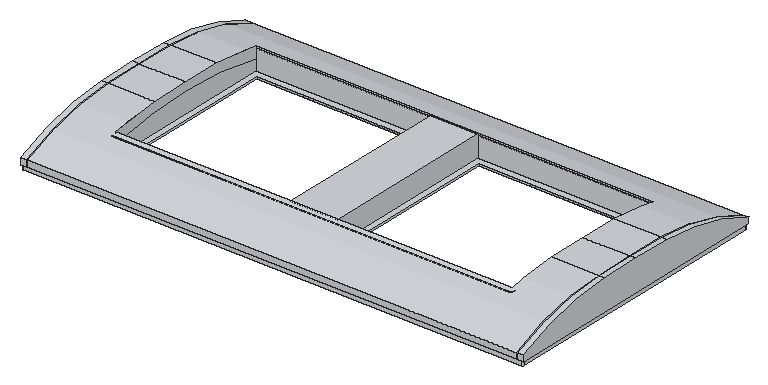
Revit family "Gira_0212736", category Electrical Fixtures, host Face, Revit 2017
Family settings
  Host = Face
  Maintain Annotation Orientation = No
  Round Connector Dimension = Use Diameter
  Part Type = Normal
  Cut with Voids When Loaded = No
  Shared = No
  Room Calculation Point = No
Parameters (values of type "Abdeckrahmen 2f Zwischenr. F Alu Gira Event Klar Schwarz")
  Werkstoffgüte = "Thermoplast"
  Werkstoff = "Kunststoff"
  URL = "http://katalog.gira.de/de_DE/datenblatt.html?artikelnr=0212736"
  Transparent = "No"
  Textfeld/Beschriftungsfläche = "No"
  Schutzart (IP) = "IP20"
  Region = "DE"
  Oberfläche = "sonstige"
  Name = "Abdeckrahmen 2f Zwischenr. F Alu Gira Event Klar Schwarz"
  Montagerichtung = "horizontal und vertikal"
  Mit Montagerahmen = "No"
  Mit Klappdeckel = "No"
  Manufacturer URL = "https://www.gira.de/"
  Keynote = "Event_Rahmen_2fach"
  HeinzeBIM = "https://bimportal.heinze.de/bim/abdeckrahmen-2f-zwischenr-f-alu-gira-event-klar-schwarz/ebc8fae1fc30a4ceeb94a1c0088da6ce1f38b95c"
  Halogenfrei = "Yes"
  HAN = "0212736"
  Geeignet für Unterputz-Installation = "Yes"
  Geeignet für Unterflurkanaldose = "No"
  Geeignet für Geräteeinbaukanal = "No"
  Geeignet für Einbauinstallation = "No"
  GTIN = "4010337068860"
  Farbe = "schwarz"
  Default Elevation = 1219.2 mm
  Data sheet (1) = "https://katalog.gira.de/de_DE/download.html?artikelnr=0212736"
  Category = "Abdeckrahmen"
  Befestigungsart = "sonstige"
  Available = "Yes"
  Ausführung der Oberfläche = "glänzend"
  Anzahl der Einheiten vertikal = "2 "
  Anzahl der Einheiten horizontal = "2 "
  Anzahl der Einheiten = "2 "
Reference planes
  plane 1 "Center (Front/Back)": y = 0
  plane 2: z = 0
  plane 3 "Center (Left/Right)": x = 0
Forms (mm)
  Extrusion 1, solid, detail levels fine
    sketch origin (0, 0, 0.05) x (0, 1, 0) y (0, 0, 1)
      loop
        arc (12.445, 9.683) -> (6.223, 9.833) -> (0, 9.85) r 291.636
        arc (0, 9.85) -> (-6.223, 9.833) -> (-12.445, 9.683) r 291.636
        arc (-12.445, 9.683) -> (-29.14, 7.482) -> (-45, 1.823) r 79.728
        line (-45, 1.823) -> (-45, -0.05) -> (-42.086, -0.05)
        arc (-42.086, -0.05) -> (-21.385, 5.559) -> (0, 7.206) r 114.424
        arc (0, 7.206) -> (21.385, 5.559) -> (42.086, -0.05) r 114.424
        line (42.086, -0.05) -> (45, -0.05) -> (45, 1.823)
        arc (45, 1.823) -> (29.14, 7.482) -> (12.445, 9.683) r 79.728
    from -78.55 to 78.55
  Extrusion 2, void, detail levels fine
    sketch origin (0, 0, 0) x (1, 0, 0) y (0, 1, 0)
      loop
        line (-63.55, -27.937) -> (63.55, -27.937) -> (63.55, 28.063) -> (-63.55, 28.063) -> (-63.55, -27.937)
    from 0.724 to 11
  Extrusion 3, solid, detail levels coarse
    sketch origin (0, 0, 0) x (1, 0, 0) y (0, 1, 0)
      loop
        line (-80.55, 45) -> (-80.55, -45) -> (80.55, -45) -> (80.55, 45) -> (-80.55, 45)
    from -1.5 to 9.9
  Extrusion 4, solid, detail levels medium
    sketch origin (0, 0, 0.05) x (0, 1, 0) y (0, 0, 1)
      loop
        arc (12.445, 9.683) -> (6.223, 9.833) -> (0, 9.85) r 291.636
        arc (0, 9.85) -> (-6.223, 9.833) -> (-12.445, 9.683) r 291.636
        arc (-12.445, 9.683) -> (-29.14, 7.482) -> (-45, 1.823) r 79.728
        line (-45, 1.823) -> (-45, -0.05) -> (45, -0.05) -> (45, 1.823)
        arc (45, 1.823) -> (29.14, 7.482) -> (12.445, 9.683) r 79.728
    from -80.55 to 80.55
  Extrusion 5, solid, detail levels fine
    sketch origin (-35.55, 0, -1.5) x (0, 1, 0) y (0, 0, -1)
      loop
        line (45, -3.373) -> (45, -1.5) -> (-45, -1.5) -> (-45, -3.373)
        arc (-45, -3.373) -> (-29.14, -9.032) -> (-12.445, -11.233) r 79.728
        arc (-12.445, -11.233) -> (-6.223, -11.383) -> (0, -11.4) r 291.636
        arc (0, -11.4) -> (6.223, -11.383) -> (12.445, -11.233) r 291.636
        arc (12.445, -11.233) -> (29.14, -9.032) -> (45, -3.373) r 79.728
    from 43 to 45
  Extrusion 6, solid, detail levels fine
    sketch origin (0, 0, 0) x (1, 0, 0) y (0, 1, 0)
      loop
        line (-61.45, 25.7) -> (-61.45, -25.7) -> (-9.65, -25.7) -> (-9.65, 25.7) -> (-61.45, 25.7)
      loop
        line (61.45, -25.7) -> (61.45, 25.7) -> (9.65, 25.7) -> (9.65, -25.7) -> (61.45, -25.7)
      loop
        line (-64.445, 28.49) -> (-64.445, -28.495)
        spline (-64.445, -28.495) -> (-64.436, -28.625) -> (-64.411, -28.754) -> (-64.369, -28.878) -> (-64.311, -28.995) -> (-64.238, -29.104) -> (-64.152, -29.202) -> (-64.054, -29.288) -> (-63.945, -29.361) -> (-63.828, -29.419) -> (-63.704, -29.461) -> (-63.575, -29.486) -> (-63.445, -29.495)
        line (-63.445, -29.495) -> (63.445, -29.495)
        spline (63.445, -29.495) -> (63.575, -29.486) -> (63.704, -29.461) -> (63.828, -29.419) -> (63.945, -29.361) -> (64.054, -29.288) -> (64.152, -29.202) -> (64.238, -29.104) -> (64.311, -28.995) -> (64.369, -28.878) -> (64.411, -28.754) -> (64.436, -28.625) -> (64.445, -28.495)
        line (64.445, -28.495) -> (64.445, 28.49)
        spline (64.445, 28.49) -> (64.436, 28.62) -> (64.411, 28.748) -> (64.369, 28.872) -> (64.311, 28.99) -> (64.238, 29.098) -> (64.152, 29.197) -> (64.054, 29.283) -> (63.945, 29.356) -> (63.828, 29.413) -> (63.704, 29.456) -> (63.575, 29.481) -> (63.445, 29.49)
        line (63.445, 29.49) -> (-63.445, 29.49)
        spline (-63.445, 29.49) -> (-63.575, 29.481) -> (-63.704, 29.456) -> (-63.828, 29.413) -> (-63.945, 29.356) -> (-64.054, 29.283) -> (-64.152, 29.197) -> (-64.238, 29.098) -> (-64.311, 28.99) -> (-64.369, 28.872) -> (-64.411, 28.748) -> (-64.436, 28.62) -> (-64.445, 28.49)
    from 0.1 to 7.3
  Extrusion 7, solid
    sketch origin (0, 0, 0) x (1, 0, 0) y (0, 1, 0)
      loop
        arc (-80.25, -44.2) -> (-80.104, -44.554) -> (-79.75, -44.7) r 0.5
        line (-79.75, -44.7) -> (79.75, -44.7)
        arc (79.75, -44.7) -> (80.104, -44.554) -> (80.25, -44.2) r 0.5
        line (80.25, -44.2) -> (80.25, 44.2)
        arc (80.25, 44.2) -> (80.104, 44.554) -> (79.75, 44.7) r 0.5
        line (79.75, 44.7) -> (-79.75, 44.7)
        arc (-79.75, 44.7) -> (-80.104, 44.554) -> (-80.25, 44.2) r 0.5
        line (-80.25, 44.2) -> (-80.25, -44.2)
      loop
        line (-78.55, 43) -> (-78.55, -43) -> (78.55, -43) -> (78.55, 43) -> (-78.55, 43)
    from -1.5 to 0.5
  Extrusion 8, solid, detail levels fine
    sketch origin (35.55, 0, -1.5) x (0, 1, 0) y (0, 0, 1)
      loop
        arc (45, 3.373) -> (29.14, 9.032) -> (12.445, 11.233) r 79.728
        arc (12.445, 11.233) -> (6.223, 11.383) -> (0, 11.4) r 291.636
        arc (0, 11.4) -> (-6.223, 11.383) -> (-12.445, 11.233) r 291.636
        arc (-12.445, 11.233) -> (-29.14, 9.032) -> (-45, 3.373) r 79.728
        line (-45, 3.373) -> (-45, 1.5) -> (45, 1.5) -> (45, 3.373)
    from 43 to 45
  Extrusion 9, solid, detail levels medium
    sketch origin (0, 0, 0) x (1, 0, 0) y (0, 1, 0)
      loop
        line (-80.25, -44.7) -> (80.25, -44.7) -> (80.25, 44.7) -> (-80.25, 44.7) -> (-80.25, -44.7)
    from -1.5 to 0.5
  Extrusion 10, solid, detail levels fine
    sketch origin (0, 0, 0) x (1, 0, 0) y (0, 1, 0)
      loop
        line (-7.55, 28.063) -> (-7.55, -27.937) -> (7.55, -27.937) -> (7.55, 28.063) -> (-7.55, 28.063)
    from 0.724 to 7.566
Cuts and joins
  Extrusion 2 cuts Extrusion 1
  Extrusion 2 cuts Extrusion 6
Dimensions and locks
  aligned and locked: plane 2 to host face
  aligned and locked: level to host face
